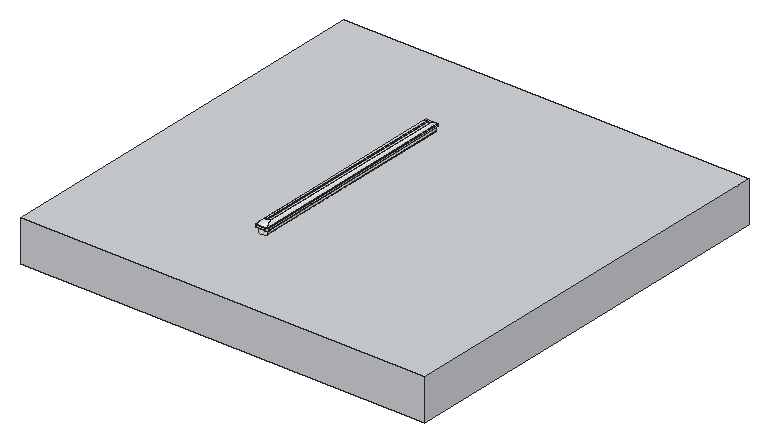
Revit family "Zumtobel AMPHIBIA", category Lighting Fixtures, host Face, Revit 2016
Family settings
  Host = Face
  Part Type = Normal
  Round Connector Dimension = Use Diameter
  OmniClass Number = 23.80.70.11
  OmniClass Title = Luminaries for Internal Lighting
  Cut with Voids When Loaded = No
  Light Source = Yes
  Shared = No
  Room Calculation Point = No
Parameters (values of type "AMPHIBIA L 4600 MB")
  Width = 90 mm  # constant formula
  Wattage Comments = ""
  Wattage = 31.1696 W
  built-in parameter 1150110 = 1 (stored number, unit not read)
  Voltage = 230 V
  URL = "http://www.zumtobel.com/42929229"
  Type Comments = "© Zumtobel. We reserve the right to make technical changes without prior notice."  # constant formula
  built-in parameter 1114217 = 1 (stored number, unit not read)
  Tilt Angle = -90.00°
  built-in parameter 1150109 = 1 (stored number, unit not read)
  built-in parameter 1150134 = 12
  built-in parameter 1150113 = 1 (stored number, unit not read)
  Photometric Web File = "D39911AA_AMP_L_4600-840_PC_MB.IES"
  Model = "42929229"
  Manufacturer = "Zumtobel Lighting"  # constant formula
  built-in parameter 1150105 = 368.44 (stored number, unit not read)
  Lumens = 4630 lm
  built-in parameter 1150115 = 1 (stored number, unit not read)
  built-in parameter 1150137 = (empty or 0)
  built-in parameter 1150139 = (empty or 0)
  Length = 1600 mm
  built-in parameter 1150112 = 1 (stored number, unit not read)
  built-in parameter 1150114 = 1 (stored number, unit not read)
  Lamp = "LED"  # constant formula
  built-in parameter 1150132 = 2
  built-in parameter 1150102 = (empty or 0)
  built-in parameter 1150107 = 4000 (stored number, unit not read)
  built-in parameter 1150138 = (empty or 0)
  built-in parameter 1150106 = 3.6844 (stored number, unit not read)
  Height = 92 mm  # constant formula
  Emit from Rectangle Width = Length  # 1600 mm
  Emit from Rectangle Length = Width  # 90 mm
  Emit Shape Visible in Rendering = no
  built-in parameter 1150104 = 13.8 (stored number, unit not read)
  Dimming Lamp Color Temperature Shift = <None>
  Description = "Moisture-proof diffuser luminaire"  # constant formula
  Default Elevation = 0 mm
  Cover = Zumtobel_PMMA_Semitransparent_SI
  Color Filter = 16777215
  Body = Zumtobel_PMMA_Semitransparent
  built-in parameter 1114218 = 1 (stored number, unit not read)
  built-in parameter 1150133 = 10 (stored number, unit not read)
  Assembly Code = "D5020210"
  Apparent Load = 31.9 VA
Types (10, lengths in mm): name | Wattage | URL | Photometric Web File | Model | built-in parameter 1150105 | Lumens | Length | built-in parameter 1150106 | Emit from Rectangle Width | Apparent Load
  AMPHIBIA L 4600 MB | 31.1696 W | "http://www.zumtobel.com/42929229" | "D39911AA_AMP_L_4600-840_PC_MB.IES" | "42929229" | 368.44 (stored number, unit not read) | 4630 lm | 1600 | 3.6844 (stored number, unit not read) | 1600 | 31.9 VA
  AMPHIBIA S 4600 MB | 30.9677 W | "http://www.zumtobel.com/42929203" | "D39911AA_AMP_S_4600-840_PC_MB.IES" | "42929203" | 366.06 (stored number, unit not read) | 4600 lm | 1100 | 3.6606 (stored number, unit not read) | 1100 | 31 VA
  AMPHIBIA L 4600 WB | 31.237 W | "http://www.zumtobel.com/42929225" | "D39805AA_AMP_L_4600-840_PC_WB.IES" | "42929225" | 369.24 (stored number, unit not read) | 4640 lm | 1600 | 3.6924 (stored number, unit not read) | 1600 | 32.6 VA
  AMPHIBIA L 6400 MB | 42.8162 W | "http://www.zumtobel.com/42929253" | "D39911AA_AMP_L_6400-840_PC_MB.IES" | "42929253" | 1977.3 (stored number, unit not read) | 6360 lm | 1600 | 19.773 (stored number, unit not read) | 1600 | 44.3 VA
  AMPHIBIA L 6400 NB | 43.0181 W | "http://www.zumtobel.com/42929257" | "D39907AA_AMP_L_6400-840_PC_NB.IES" | "42929257" | 6006.6 (stored number, unit not read) | 6390 lm | 1600 | 60.066 (stored number, unit not read) | 1600 | 41.2 VA
  AMPHIBIA L 6400 WB | 43.3548 W | "http://www.zumtobel.com/42929249" | "D39805AA_AMP_L_6400-840_PC_WB.IES" | "42929249" | 6053.6 (stored number, unit not read) | 6440 lm | 1600 | 60.536 (stored number, unit not read) | 1600 | 45.7 VA
  AMPHIBIA L 8000 MB | 53.9915 W | "http://www.zumtobel.com/42929288" | "D39911AA_AMP_L_8000-840_PC_MB.IES" | "42929288" | 2493.4 (stored number, unit not read) | 8020 lm | 1600 | 24.934 (stored number, unit not read) | 1600 | 57.6 VA
  AMPHIBIA L 8000 NB | 54.0588 W | "http://www.zumtobel.com/42929292" | "D39907AA_AMP_L_8000-840_PC_NB.IES" | "42929292" | 2496.5 (stored number, unit not read) | 8030 lm | 1600 | 24.965 (stored number, unit not read) | 1600 | 53 VA
  AMPHIBIA L 8000 WB | 54.2608 W | "http://www.zumtobel.com/42929284" | "D39805AA_AMP_L_8000-840_PC_WB.IES" | "42929284" | 7576.4 (stored number, unit not read) | 8060 lm | 1600 | 75.764 (stored number, unit not read) | 1600 | 59.2 VA
  AMPHIBIA S 4600 WB | 31.1696 W | "http://www.zumtobel.com/42929199" | "D39805AA_AMP_S_4600-840_PC_WB.IES" | "42929199" | 1440.9 (stored number, unit not read) | 4630 lm | 1100 | 14.409 (stored number, unit not read) | 1100 | 32 VA
Reference planes
  plane 1 "Center (Front/Back)": y = 0
  plane 2 "Top": z = 0
  plane 3 "Center (Left/Right)": x = -735.5
  plane 4: x = -735.5
  plane 5 "Clip 1": y = -650
  plane 6: y = 800
  plane 7: y = -800
  plane 8 "Body": z = 64
  plane 9: z = 90
  plane 10: x = -781.5
  plane 11: x = -689.5
  plane 12: y = -783.996
  plane 13: y = 783.996
  plane 14 "Clip 2": y = 650
  plane 15: y = -729.986
  plane 16: y = -794
  plane 17: x = -758.479
  plane 18: x = -712.521
  plane 19: x = -773
  plane 20: x = -698
  plane 21: y = 794
  plane 22: y = 729.986
Forms (mm)
  Extrusion 1, solid
    sketch origin (123, 0, 0) x (1, 0, 0) y (0, 1, 0)
      loop
        line (-2085.5, 1500) -> (-2085.5, -1500) -> (914.5, -1500) -> (914.5, 1500) -> (-2085.5, 1500)
    from 0 to -304.8
  Extrusion 2, solid, material "Zumtobel_PMMA_Semitransparent" <- "Body"
    sketch origin (0, 0, 0) x (1, 0, 0) y (0, 0, 1)
      loop
        line (-772.957, 44.614) -> (-768.879, 18.867)
        arc (-768.879, 18.867) -> (-762.607, 7.669) -> (-750.566, 3.226) r 18.541
        line (-750.566, 3.226) -> (-720.434, 3.226)
        arc (-720.434, 3.226) -> (-708.393, 7.669) -> (-702.121, 18.867) r 18.541
        line (-702.121, 18.867) -> (-698.043, 44.614) -> (-772.957, 44.614)
    from -783.996 to 783.996
  Extrusion 3, solid, material "Zumtobel_PMMA_Semitransparent" <- "Body"
    sketch origin (0, -650, 0) x (1, 0, 0) y (0, 0, -1)
      loop
        arc (-757.946, -4.758) -> (-754.335, -3.613) -> (-750.566, -3.226) r 18.541
        line (-750.566, -3.226) -> (-745.263, -3.226) -> (-748.489, 0) -> (-753.953, 0) -> (-757.946, -4.758)
      loop
        line (-713.054, -4.758) -> (-717.047, 0) -> (-722.511, 0) -> (-725.737, -3.226) -> (-720.434, -3.226)
        arc (-720.434, -3.226) -> (-716.665, -3.613) -> (-713.054, -4.758) r 18.541
    from -50 to 50
  Extrusion 4, solid, material "Zumtobel_PMMA_Semitransparent" <- "Body"
    sketch origin (0, 650, 0) x (1, 0, 0) y (0, 0, 1)
      loop
        line (-757.946, 4.758) -> (-753.953, 0) -> (-748.489, 0) -> (-745.263, 3.226) -> (-750.566, 3.226)
        arc (-750.566, 3.226) -> (-754.335, 3.613) -> (-757.946, 4.758) r 18.541
      loop
        arc (-713.054, 4.758) -> (-716.665, 3.613) -> (-720.434, 3.226) r 18.541
        line (-720.434, 3.226) -> (-725.737, 3.226) -> (-722.511, 0) -> (-717.047, 0) -> (-713.054, 4.758)
    from -50 to 50
  Sweep 5, solid, material "Zumtobel_PMMA_Semitransparent" <- "Body"
    path origin (0, 0, 64) x (-1, 0, 0) y (0, -1, 0)
      loop
        line (781.5, -790) -> (781.5, 790)
        arc (781.5, 790) -> (778.571, 797.071) -> (771.5, 800) r 10
        line (771.5, 800) -> (699.5, 800)
        arc (699.5, 800) -> (692.429, 797.071) -> (689.5, 790) r 10
        line (689.5, 790) -> (689.5, -790)
        arc (689.5, -790) -> (692.429, -797.071) -> (699.5, -800) r 10
        line (699.5, -800) -> (771.5, -800)
        arc (771.5, -800) -> (778.571, -797.071) -> (781.5, -790) r 10
    profile "Profile Body : Profile Body" origin (-781.5, 0, 64) x (1, 0, 0) y (0, 0, 1)
      loop
        line (8.5, 0) -> (0, 0) -> (0, -14.386)
        arc (0, -14.386) -> (1.464, -17.922) -> (5, -19.386) r 5
        line (5, -19.386) -> (8.5, -19.386) -> (8.5, 0)
  Extrusion 6, solid, material "Zumtobel_PMMA_Semitransparent_SI" <- "Cover"
    sketch origin (0, 0, 128) x (1, 0, 0) y (0, 0, 1)
      loop
        line (-773, -64) -> (-698, -64)
        arc (-698, -64) -> (-703.026, -49.752) -> (-712.521, -38) r 44.601
        line (-712.521, -38) -> (-731.067, -39.651)
        arc (-731.067, -39.651) -> (-735.5, -39.848) -> (-739.933, -39.651) r 50
        line (-739.933, -39.651) -> (-758.479, -38)
        arc (-758.479, -38) -> (-767.974, -49.752) -> (-773, -64) r 44.601
    from -794 to 794
  Extrusion 7, void
    sketch origin (-735.5, 0, 0) x (0, -1, 0) y (0, 0, 1)
      loop
        arc (729.986, 90) -> (764.533, 83.252) -> (794, 64) r 91.802
        line (794, 64) -> (794, 90) -> (729.986, 90)
      loop
        line (-729.986, 90) -> (-794, 90) -> (-794, 64)
        arc (-794, 64) -> (-764.533, 83.252) -> (-729.986, 90) r 91.802
    from -50 to 50
Cuts and joins
  Extrusion 7 cuts Sweep 5
  Extrusion 7 cuts Extrusion 6
Lines and regions (mm)
  symbolic lines, style "Zumtobel Lighting", detail levels coarse
    curve 1: line (-735.5, 800, 0) -> (-735.5, -800, 0)
    curve 2: line (-781.5, -800, 0) -> (-689.5, -800, 0)
    curve 3: line (-781.5, 800, 0) -> (-689.5, 800, 0)
  symbolic lines
    curve 4: line (-735.5, -783, 4.302) -> (-735.5, -783, 129.302)
  model lines
    curve 5: arc (-773, 0, 64) -> (-767.974, 0, 78.248) -> (-758.479, 0, 90) r 44.601
    curve 6: line (-758.479, 0, 90) -> (-758.479, 0, 64)
    curve 7: line (-758.479, 0, 64) -> (-773, 0, 64)
Dimensions and locks
  "Length": plane 7 to plane 6
  equal spacing: plane 7, plane 1 "Center (Front/Back)", plane 6
  plane 14 "Clip 2" to plane 22 to plane 13 to plane 21 to plane 6 = 79.986 mm locked, 54.009 mm locked, 10.004 mm locked, 6 mm locked
  plane 5 "Clip 1" to plane 15 to plane 12 to plane 16 to plane 7 = 79.986 mm locked, 54.009 mm locked, 10.004 mm locked, 6 mm locked
  aligned and locked: plane 2 "Top" to Extrusion 1
  aligned and locked: level to Extrusion 1
  aligned and locked: imposter light to plane 1 "Center (Front/Back)"
  aligned and locked: imposter light to plane 3 "Center (Left/Right)"
  aligned and locked: plane 12 to Extrusion 2
  aligned and locked: plane 13 to Extrusion 2
  aligned and locked: Sweep 5 sketch curve to plane 10
  aligned and locked: plane 7 to Sweep 5 sketch curve
  aligned and locked: Sweep 5 sketch curve to plane 11
  aligned and locked: Sweep 5 sketch curve to plane 6
  aligned and locked: Extrusion 7 sketch curve to plane 9
  aligned and locked: Extrusion 6 to plane 16
  aligned and locked: plane 16 to Extrusion 7 sketch curve
  aligned and locked: Extrusion 7 sketch curve to plane 21
  aligned and locked: Extrusion 6 to plane 21
  aligned and locked: imposter light to plane 9
Automatic sketch dimensions
  curve 2 to plane 7 = 0 mm
  curve 2 to plane 10 = 0 mm
  plane 6 to curve 3 = 0 mm
  curve 3 to plane 10 = 0 mm
  curve 1 to plane 3 "Center (Left/Right)" = 0 mm
  curve 3 to plane 11 = 0 mm
  curve 2 to plane 11 = 0 mm
  Extrusion 1 sketch curve to Extrusion 1 sketch curve = 3000 mm  (x2)
  Extrusion 2 sketch curve to plane 19 = 0.043 mm
  Extrusion 2 sketch curve to plane 19 = 4.121 mm
  level to Extrusion 2 sketch curve = 3.226 mm
  Extrusion 2 sketch curve to plane 17 = 7.913 mm
  Extrusion 2 sketch curve to plane 18 = 7.913 mm
  Extrusion 2 sketch curve to plane 20 = 4.121 mm
  Extrusion 2 sketch curve to plane 20 = 0.043 mm
  level to Extrusion 2 sketch curve = 18.867 mm  (x2)
  Extrusion 2 sketch curve to plane 8 "Body" = 19.386 mm
  Extrusion 3 sketch curve to level = 0 mm  (x2)
  plane 17 to Extrusion 3 sketch curve = 0.534 mm
  plane 17 to Extrusion 3 sketch curve = 4.526 mm
  Extrusion 3 sketch curve to Extrusion 3 sketch curve = 3.387 mm
  Extrusion 3 sketch curve to Extrusion 3 sketch curve = 2.077 mm  (x2)
  Extrusion 3 sketch curve to level = 3.226 mm  (x2)
  Extrusion 3 sketch curve to Extrusion 3 sketch curve = 3.226 mm  (x2)
  plane 3 "Center (Left/Right)" to Extrusion 3 sketch curve = 9.763 mm
  plane 18 to Extrusion 3 sketch curve = 4.526 mm
  plane 18 to Extrusion 3 sketch curve = 0.534 mm
  Extrusion 3 sketch curve to level = 4.758 mm  (x2)
  curve 4 to plane 12 = 0.996 mm
  level to curve 4 = 4.302 mm
  plane 9 to curve 4 = 39.302 mm
  Extrusion 4 sketch curve to level = 0 mm  (x2)
  Extrusion 4 sketch curve to plane 17 = 0.534 mm
  Extrusion 4 sketch curve to plane 17 = 4.526 mm
  Extrusion 4 sketch curve to Extrusion 4 sketch curve = 3.387 mm
  Extrusion 4 sketch curve to Extrusion 4 sketch curve = 2.077 mm  (x2)
  level to Extrusion 4 sketch curve = 3.226 mm  (x2)
  Extrusion 4 sketch curve to Extrusion 4 sketch curve = 3.226 mm  (x2)
  Extrusion 4 sketch curve to plane 3 "Center (Left/Right)" = 9.763 mm
  Extrusion 4 sketch curve to plane 18 = 4.526 mm
  Extrusion 4 sketch curve to plane 18 = 0.534 mm
  level to Extrusion 4 sketch curve = 4.758 mm  (x2)
  plane 18 to Sweep 5 sketch curve = 13.021 mm  (x2)
  plane 17 to Sweep 5 sketch curve = 13.021 mm  (x2)
  curve 5 to plane 8 "Body" = 0 mm
  plane 19 to curve 5 = 0 mm
  curve 6 to plane 9 = 0 mm
  plane 17 to curve 6 = 0 mm
  curve 5 to plane 3 "Center (Left/Right)" = 6.466 mm
  Extrusion 6 sketch curve to plane 8 "Body" = 0 mm
  plane 19 to Extrusion 6 sketch curve = 0 mm
  Extrusion 6 sketch curve to plane 9 = 0 mm  (x2)
  plane 17 to Extrusion 6 sketch curve = 0 mm
  plane 3 "Center (Left/Right)" to Extrusion 6 sketch curve = 0 mm
  Extrusion 6 sketch curve to plane 18 = 0 mm
  Extrusion 6 sketch curve to plane 20 = 0 mm
  plane 9 to Extrusion 6 sketch curve = 1.651 mm  (x2)
  Extrusion 6 sketch curve to plane 3 "Center (Left/Right)" = 4.433 mm
  Extrusion 6 sketch curve to plane 3 "Center (Left/Right)" = 6.466 mm
  plane 3 "Center (Left/Right)" to Extrusion 6 sketch curve = 6.466 mm
  Extrusion 6 sketch curve to plane 9 = 48.152 mm
  Extrusion 7 sketch curve to plane 8 "Body" = 0 mm  (x2)
  Extrusion 7 sketch curve to plane 22 = 0 mm
  Extrusion 7 sketch curve to plane 15 = 0 mm
  Extrusion 7 sketch curve to plane 9 = 0 mm
Connectors
  electrical at (-735.5, 0, 0), driven by "Apparent Load", driven by "Voltage"
    settings: index 1, voltage 230 V, apparent load 0 VA, apparent load phase1 31.9 VA, apparent load phase2 0 VA, apparent load phase3 0 VA, power factor 1, load classification "Lighting", number of poles 1, system type 31, power factor state 1, is connector primary yes, connector utility no, sub classification motor no, connector description "Power"
